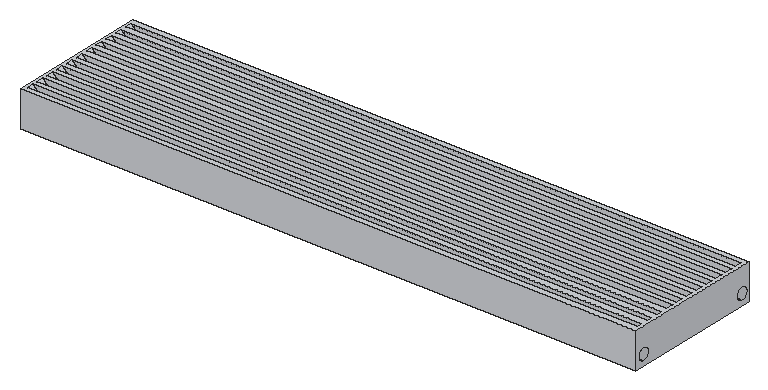
Revit family "SL12", category Mechanical Equipment, Revit 2017
Family settings
  Round Connector Dimension = Use Diameter
  Part Type = Normal
  OmniClass Number = 23.75.00.00
  OmniClass Title = Climate Control (HVAC)
  Work Plane-Based = No
  Always vertical = Yes
  Cut with Voids When Loaded = No
  Shared = No
  Room Calculation Point = No
Parameters
  Width = 275 mm
  Length = 1200 mm
  Height = 200 mm
Reference planes
  plane 1 "Center (Front/Back)": y = 0
  plane 2: z = 0
  plane 3 "Center (Left/Right)": x = 0
  plane 4: x = 0
  plane 5: x = -600
  plane 6: x = 600
  plane 7: x = -595
  plane 8: x = -580
  plane 9: x = 595
  plane 10: x = 580
  plane 11: x = 597
  plane 12: x = -597
  plane 13: z = 270
  plane 14: z = 255
  plane 15: z = 215
  plane 16: z = 200
  plane 17: y = -3
  plane 18: y = -275
  plane 19: y = -272
  plane 20: y = -257
  plane 21: y = -18
  plane 22: x = -530
  plane 23: x = 530
  plane 24: x = -533
  plane 25: x = 533
  plane 26 "Center": y = -137.5
Forms (mm)
  Extrusion 1, solid
    sketch origin (0, 0, 0) x (1, 0, 0) y (0, 0, 1)
      loop
        line (-600, 270) -> (-600, 200) -> (-595, 200) -> (-580, 215) -> (-580, 255) -> (-595, 270) -> (-600, 270)
      loop
        line (600, 270) -> (595, 270) -> (580, 255) -> (580, 215) -> (595, 200) -> (600, 200) -> (600, 270)
    from 0 to 275
  Extrusion 2, solid
    sketch origin (0, 0, 0) x (1, 0, 0) y (0, 1, 0)
      loop
        line (-595, 0) -> (-595, -11) -> (595, -11) -> (595, 0) -> (-595, 0)
    from 200 to 270
  Extrusion 3, solid
    sketch origin (0, -24, 0) x (1, 0, 0) y (0, 1, 0)
      loop
        line (-595, 0) -> (-595, -11) -> (595, -11) -> (595, 0) -> (-595, 0)
    from 200 to 270
  Extrusion 4, solid
    sketch origin (0, -48, 0) x (1, 0, 0) y (0, 1, 0)
      loop
        line (-595, 0) -> (-595, -11) -> (595, -11) -> (595, 0) -> (-595, 0)
    from 200 to 270
  Extrusion 5, solid
    sketch origin (0, -72, 0) x (1, 0, 0) y (0, 1, 0)
      loop
        line (-595, 0) -> (-595, -11) -> (595, -11) -> (595, 0) -> (-595, 0)
    from 200 to 270
  Extrusion 6, solid
    sketch origin (0, -96, 0) x (1, 0, 0) y (0, 1, 0)
      loop
        line (-595, 0) -> (-595, -11) -> (595, -11) -> (595, 0) -> (-595, 0)
    from 200 to 270
  Extrusion 7, solid
    sketch origin (0, -120, 0) x (1, 0, 0) y (0, 1, 0)
      loop
        line (-595, 0) -> (-595, -11) -> (595, -11) -> (595, 0) -> (-595, 0)
    from 200 to 270
  Extrusion 8, solid
    sketch origin (0, -144, 0) x (1, 0, 0) y (0, 1, 0)
      loop
        line (-595, 0) -> (-595, -11) -> (595, -11) -> (595, 0) -> (-595, 0)
    from 200 to 270
  Extrusion 9, solid
    sketch origin (0, -168, 0) x (1, 0, 0) y (0, 1, 0)
      loop
        line (-595, 0) -> (-595, -11) -> (595, -11) -> (595, 0) -> (-595, 0)
    from 200 to 270
  Extrusion 10, solid
    sketch origin (0, -192, 0) x (1, 0, 0) y (0, 1, 0)
      loop
        line (-595, 0) -> (-595, -11) -> (595, -11) -> (595, 0) -> (-595, 0)
    from 200 to 270
  Extrusion 11, solid
    sketch origin (0, -216, 0) x (1, 0, 0) y (0, 1, 0)
      loop
        line (-595, 0) -> (-595, -11) -> (595, -11) -> (595, 0) -> (-595, 0)
    from 200 to 270
  Extrusion 12, solid
    sketch origin (0, -240, 0) x (1, 0, 0) y (0, 1, 0)
      loop
        line (-595, 0) -> (-595, -11) -> (595, -11) -> (595, 0) -> (-595, 0)
    from 200 to 270
  Extrusion 13, solid
    sketch origin (0, -264, 0) x (1, 0, 0) y (0, 1, 0)
      loop
        line (-595, 0) -> (-595, -11) -> (595, -11) -> (595, 0) -> (-595, 0)
    from 200 to 270
  Extrusion 14, solid
    sketch origin (0, 0, 0) x (0, 1, 0) y (0, 0, 1)
      loop
        circle (-17.5, 222) r 10.5
      loop
        circle (-257.5, 222) r 10.5
    from -600 to -602
  Extrusion 15, solid
    sketch origin (0, 0, 0) x (0, 1, 0) y (0, 0, -1)
      loop
        circle (-17.5, -222) r 10.5
      loop
        circle (-257.5, -222) r 10.5
    from -600 to -602
Cuts and joins
  joined: Extrusion 1, Extrusion 2, Extrusion 3, Extrusion 4, Extrusion 5, Extrusion 6, Extrusion 7, Extrusion 8, Extrusion 9, Extrusion 10, Extrusion 11, Extrusion 12, Extrusion 13
Dimensions and locks
  equal spacing: plane 5, plane 4, plane 6
  "Length": plane 5 to plane 6
  locked: plane 7 to plane 8 at 15
  locked: plane 5 to plane 7 at 5
  locked: plane 9 to plane 10 at 15
  locked: plane 6 to plane 9 at 5
  locked: plane 11 to plane 6 at 3
  locked: plane 5 to plane 12 at 3
  "Height": plane 16 to level
  locked: plane 13 to plane 14 at 15
  locked: plane 13 to plane 16 at 70
  locked: plane 15 to plane 16 at 15
  "Width": plane 18 to plane 1 "Center (Front/Back)"
  locked: plane 23 to plane 6 at 70
  locked: plane 17 to plane 1 "Center (Front/Back)" at 3
  locked: plane 19 to plane 18 at 3
  locked: plane 21 to plane 1 "Center (Front/Back)" at 18
  locked: plane 20 to plane 18 at 18
  locked: plane 24 to plane 22 at 3
  locked: plane 23 to plane 25 at 3
  Extrusion 2 sketch curve to Extrusion 2 sketch curve = 11 mm
  Extrusion 3 sketch curve to Extrusion 3 sketch curve = 11 mm
  Extrusion 4 sketch curve to Extrusion 4 sketch curve = 11 mm
  Extrusion 5 sketch curve to Extrusion 5 sketch curve = 11 mm
  Extrusion 6 sketch curve to Extrusion 6 sketch curve = 11 mm
  Extrusion 7 sketch curve to Extrusion 7 sketch curve = 11 mm
  Extrusion 8 sketch curve to Extrusion 8 sketch curve = 11 mm
  Extrusion 9 sketch curve to Extrusion 9 sketch curve = 11 mm
  Extrusion 10 sketch curve to Extrusion 10 sketch curve = 11 mm
  Extrusion 11 sketch curve to Extrusion 11 sketch curve = 11 mm
  Extrusion 12 sketch curve to Extrusion 12 sketch curve = 11 mm
  Extrusion 13 sketch curve to Extrusion 13 sketch curve = 11 mm
  locked: plane 5 to plane 22 at 70
  equal spacing: plane 18, plane 26 "Center", plane 1 "Center (Front/Back)"
  locked: Extrusion 2 to Extrusion 2 at 11
  locked: Extrusion 3 to Extrusion 2 at 13
  plane 21 to Extrusion 3 to Extrusion 3 = 6 mm locked, 11 mm locked
  locked: Extrusion 4 to Extrusion 3 at 13
  locked: Extrusion 4 to Extrusion 4 at 11
  locked: Extrusion 5 to Extrusion 4 at 13
  locked: Extrusion 5 to Extrusion 5 at 11
  locked: Extrusion 6 to Extrusion 5 at 13
  locked: Extrusion 6 to Extrusion 6 at 11
  locked: Extrusion 7 to Extrusion 6 at 13
  locked: Extrusion 7 to Extrusion 7 at 11
  locked: Extrusion 8 to Extrusion 7 at 13
  locked: Extrusion 8 to Extrusion 8 at 11
  locked: Extrusion 9 to Extrusion 8 at 13
  locked: Extrusion 9 to Extrusion 9 at 11
  locked: Extrusion 10 to Extrusion 9 at 13
  locked: Extrusion 10 to Extrusion 10 at 11
  locked: Extrusion 11 to Extrusion 10 at 13
  locked: Extrusion 11 to Extrusion 11 at 11
  locked: Extrusion 12 to Extrusion 11 at 13
  locked: Extrusion 12 to Extrusion 12 at 11
  locked: Extrusion 13 to Extrusion 12 at 13
  locked: Extrusion 13 to Extrusion 13 at 11
  locked: plane 1 "Center (Front/Back)" to Extrusion 14 sketch curve at 17.5
  Extrusion 14 sketch curve to plane 16 = 22 mm
  locked: Extrusion 14 sketch curve to plane 18 at 17.5
  locked: Extrusion 14 sketch curve to plane 16 at 22
  locked: plane 5 to Extrusion 14 at 2
  locked: plane 6 to Extrusion 15 at 2
  aligned and locked: level to plane 2
  aligned and locked: plane 5 to Extrusion 1 sketch curve
  aligned and locked: Extrusion 1 sketch curve to plane 8
  aligned and locked: plane 16 to Extrusion 1 sketch curve
  aligned and locked: Extrusion 1 sketch curve to plane 13
  aligned and locked: Extrusion 1 sketch curve to plane 6
  aligned and locked: plane 13 to Extrusion 1 sketch curve
  aligned and locked: plane 10 to Extrusion 1 sketch curve
  aligned and locked: Extrusion 1 sketch curve to plane 16
  aligned and locked: plane 13 to Extrusion 2
  aligned and locked: Extrusion 2 to plane 16
  aligned and locked: Extrusion 13 to plane 9
  aligned and locked: Extrusion 12 to plane 9
  aligned and locked: Extrusion 11 to plane 9
  aligned and locked: Extrusion 10 to plane 9
  aligned and locked: Extrusion 9 to plane 9
  aligned and locked: Extrusion 8 to plane 9
  aligned and locked: Extrusion 7 to plane 9
  aligned and locked: Extrusion 6 to plane 9
  aligned and locked: Extrusion 5 to plane 9
  aligned and locked: Extrusion 4 to plane 9
  aligned and locked: Extrusion 3 to plane 9
  aligned and locked: Extrusion 2 to plane 9
  aligned and locked: plane 13 to Extrusion 13
  aligned and locked: plane 13 to Extrusion 12
  aligned and locked: plane 13 to Extrusion 11
  aligned and locked: plane 13 to Extrusion 10
  aligned and locked: plane 13 to Extrusion 9
  aligned and locked: plane 13 to Extrusion 8
  aligned and locked: plane 13 to Extrusion 7
  aligned and locked: plane 13 to Extrusion 6
  aligned and locked: plane 13 to Extrusion 5
  aligned and locked: plane 13 to Extrusion 4
  aligned and locked: plane 13 to Extrusion 3
  aligned and locked: Extrusion 13 to plane 16
  aligned and locked: Extrusion 12 to plane 16
  aligned and locked: Extrusion 11 to plane 16
  aligned and locked: Extrusion 10 to plane 16
  aligned and locked: Extrusion 9 to plane 16
  aligned and locked: Extrusion 8 to plane 16
  aligned and locked: Extrusion 7 to plane 16
  aligned and locked: Extrusion 6 to plane 16
  aligned and locked: Extrusion 5 to plane 16
  aligned and locked: Extrusion 4 to plane 16
  aligned and locked: Extrusion 3 to plane 16
  aligned and locked: Extrusion 1 to plane 18
  aligned and locked: plane 6 to Extrusion 15
  aligned and locked: plane 5 to Extrusion 14
Automatic sketch dimensions
  Extrusion 1 sketch curve to plane 7 = 0 mm  (x2)
  plane 9 to Extrusion 1 sketch curve = 0 mm  (x2)
  Extrusion 1 sketch curve to plane 15 = 0 mm  (x2)
  Extrusion 1 sketch curve to plane 14 = 0 mm  (x2)
  plane 1 "Center (Front/Back)" to Extrusion 2 sketch curve = 0 mm
  Extrusion 2 sketch curve to plane 7 = 0 mm
  Extrusion 2 sketch curve to plane 9 = 0 mm
  Extrusion 3 sketch curve to plane 7 = 0 mm
  Extrusion 3 sketch curve to plane 9 = 0 mm
  Extrusion 3 sketch curve to plane 21 = 17 mm
  Extrusion 4 sketch curve to plane 7 = 0 mm
  Extrusion 4 sketch curve to plane 9 = 0 mm
  Extrusion 4 sketch curve to plane 21 = 41 mm
  Extrusion 5 sketch curve to plane 7 = 0 mm
  Extrusion 5 sketch curve to plane 9 = 0 mm
  Extrusion 5 sketch curve to plane 21 = 65 mm
  Extrusion 6 sketch curve to plane 7 = 0 mm
  Extrusion 6 sketch curve to plane 9 = 0 mm
  plane 26 "Center" to Extrusion 6 sketch curve = 30.5 mm
  Extrusion 7 sketch curve to plane 7 = 0 mm
  Extrusion 7 sketch curve to plane 9 = 0 mm
  plane 26 "Center" to Extrusion 7 sketch curve = 6.5 mm
  Extrusion 8 sketch curve to plane 7 = 0 mm
  Extrusion 8 sketch curve to plane 9 = 0 mm
  Extrusion 8 sketch curve to plane 26 "Center" = 17.5 mm
  Extrusion 9 sketch curve to plane 7 = 0 mm
  Extrusion 9 sketch curve to plane 9 = 0 mm
  Extrusion 9 sketch curve to plane 26 "Center" = 41.5 mm
  Extrusion 10 sketch curve to plane 7 = 0 mm
  Extrusion 10 sketch curve to plane 9 = 0 mm
  Extrusion 10 sketch curve to plane 26 "Center" = 65.5 mm
  Extrusion 11 sketch curve to plane 7 = 0 mm
  Extrusion 11 sketch curve to plane 9 = 0 mm
  Extrusion 11 sketch curve to plane 26 "Center" = 89.5 mm
  Extrusion 12 sketch curve to plane 7 = 0 mm
  Extrusion 12 sketch curve to plane 9 = 0 mm
  plane 20 to Extrusion 12 sketch curve = 6 mm
  Extrusion 13 sketch curve to plane 7 = 0 mm
  Extrusion 13 sketch curve to plane 9 = 0 mm
  Extrusion 13 sketch curve to plane 20 = 18 mm
  Extrusion 15 sketch curve to plane 20 = 0.5 mm
  plane 21 to Extrusion 15 sketch curve = 0.5 mm
  Extrusion 15 sketch curve to plane 15 = 7 mm  (x2)
  radius of Extrusion 14 sketch curve = 10.5 mm  (x2)
  radius of Extrusion 15 sketch curve = 10.5 mm  (x2)
